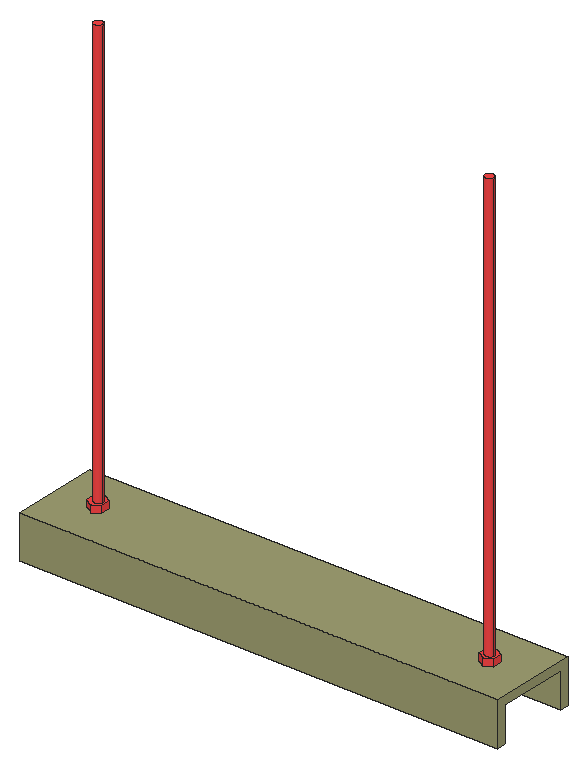
Revit family "Channel Support", category Pipe Fittings, Revit 2014
Parameters (values of type "Angle Support")
  built-in parameter 1114242 [instance] = (empty or 0)
  Support Level [instance] = 2000 mm
  Rod Dia [instance] = 10 mm
  Distance Between Rods [instance] = 450 mm
  Channel Width [instance] = 100 mm
  Pipe Support = Pipe Support
  built-in parameter 1114238 [instance] = (empty or 0)
  Fasteners = Fasteners
  Channel Height [instance] = 50 mm
  Ceiling Level [instance] = 2500 mm
  Dim_A = 50 mm
  Channel Thk [instance] = 10 mm
  Anchor Nut [instance] = Nut : M10
Reference planes
  plane 1 "Center (Front/Back)": y = 0
  plane 2: z = 0
  plane 3 "Center (Left/Right)": x = 0
  plane 4: x = -225
  plane 5: x = 225
  plane 6: y = 50
  plane 7 "W1": y = -50
  plane 8: z = 2500
  plane 9: z = 2000
  plane 10 "Lf": x = -275
  plane 11 "Rt": x = 275
  plane 12: z = 1990
  plane 13: z = 1950
  plane 14: y = 40
  plane 15: y = -40
Forms (mm)
  Extrusion 1, solid, material "Fasteners" <- "Fasteners"
    sketch origin (0, 0, -75) x (-1, 0, 0) y (0, -1, 0)
      loop
        circle (225, 0) r 5
    from 2025 to 2575
  Extrusion 2, solid, material "Fasteners" <- "Fasteners"
    sketch origin (0, 0, -75) x (-1, 0, 0) y (0, -1, 0)
      loop
        circle (-225, 0) r 5
    from 2025 to 2575
  Extrusion 3, solid, material "Pipe Support" <- "Pipe Support"
    sketch origin (275, 0, 0) x (0, 0, -1) y (0, -1, 0)
      loop
        line (-1950, 50) -> (-2000, 50) -> (-2000, -50) -> (-1950, -50) -> (-1950, -40) -> (-1990, -40) -> (-1990, 40) -> (-1950, 40) -> (-1950, 50)
    from 0 to 550
Dimensions and locks
  equal spacing: plane 6, plane 1 "Center (Front/Back)", plane 7 "W1"
  "Channel Width": plane 6 to plane 7 "W1"
  "Ceiling Level": plane 8 to level
  "Support Level": plane 9 to level
  equal spacing: plane 4, plane 3 "Center (Left/Right)", plane 5
  "Distance Between Rods": plane 4 to plane 5
  "Dim_A": plane 10 "Lf" to plane 4
  "Dim_A": plane 5 to plane 11 "Rt"
  "Channel Thk": plane 9 to plane 12
  "Channel Height": plane 9 to plane 13
  "Channel Thk": plane 6 to plane 14
  "Channel Thk": plane 7 "W1" to plane 15
  "Rod Dia": diameter of Extrusion 1 sketch curve
  "Rod Dia": diameter of Extrusion 2 sketch curve
  aligned and locked: plane 8 to Extrusion 1
  aligned and locked: plane 8 to Extrusion 2
  aligned and locked: plane 10 "Lf" to Extrusion 3
  aligned and locked: Extrusion 1 to plane 13
  aligned and locked: Extrusion 2 to plane 13
  aligned and locked: plane 12 to nested 1
  aligned and locked: plane 12 to nested 2
  aligned and locked: nested 3 to plane 9
  aligned and locked: nested 4 to plane 9
  aligned and locked: nested 3 to plane 4
  aligned and locked: nested 4 to plane 5
  aligned and locked: nested 1 to plane 4
  aligned and locked: nested 2 to plane 5
Automatic sketch dimensions
  Extrusion 3 sketch curve to plane 9 = 0 mm
  Extrusion 3 sketch curve to plane 15 = 0 mm
  Extrusion 3 sketch curve to plane 6 = 0 mm
  Extrusion 3 sketch curve to plane 13 = 0 mm  (x2)
  Extrusion 3 sketch curve to plane 7 "W1" = 0 mm
  Extrusion 3 sketch curve to plane 14 = 0 mm
  Extrusion 3 sketch curve to plane 12 = 0 mm
  plane 1 "Center (Front/Back)" to Extrusion 1 sketch curve = 0 mm
  Extrusion 1 sketch curve to plane 4 = 0 mm
  plane 1 "Center (Front/Back)" to Extrusion 2 sketch curve = 0 mm
  Extrusion 2 sketch curve to plane 5 = 0 mm
Nested families
  nested 1: "Nut" at (-225, 0, 1982), type <- "Anchor Nut", type "M10"
  nested 2: "Nut" at (225, 0, 1982), type <- "Anchor Nut", type "M10"
  nested 3: "Nut" at (-225, 0, 2000), type <- "Anchor Nut", type "M10"
  nested 4: "Nut" at (225, 0, 2000), type <- "Anchor Nut", type "M10"
Definition of nested family "Nut"
  Parameters (values of type "M12")
    Fasteners = Fasteners
    Dim_3 = Nut Dia * 1.7321 / 2  # 10.393 mm
    Nut Height = Nut Dia * 0.8  # 9.6 mm
    Nut Dia = 12 mm
  Types (11, lengths in mm): name | Dim_3 | Nut Height | Nut Dia
    M16 | 13.857 | 12.8 | 16
    M20 | 17.321 | 16 | 20
    M32 | 27.714 | 25.6 | 32
    M22 | 19.053 | 17.6 | 22
    M25 | 21.651 | 20 | 25
    M38 | 32.91 | 30.4 | 38
    M44 | 38.106 | 35.2 | 44
    M6 | 5.196 | 4.8 | 6
    M8 | 6.928 | 6.4 | 8
    M10 | 8.661 | 8 | 10
    M12 | 10.393 | 9.6 | 12
  Reference planes
    plane 1 "Center (Front/Back)": y = 0
    plane 2: z = 0
    plane 3 "Center (Left/Right)": x = 0
    plane 4: z = 9.6
    plane 5: z = -60
    plane 6: x = -6
    plane 7: x = 6
    plane 8: z = -58
    plane 9: through (0, 0, 1200) normal (-0.5, 0.866, 0)
    plane 10: through (0, 0, 1200) normal (0.5, 0.866, 0)
    plane 11: y = 12
    plane 12: y = -12
    plane 13: x = -10.393
    plane 14: x = 10.393
  Forms (mm)
    Extrusion 1, solid, material "Fasteners" <- "Fasteners"
      sketch origin (0, 0, 0) x (1, 0, 0) y (0, 1, 0)
        loop
          line (-10.393, -6) -> (0, -12.001) -> (10.393, -6) -> (10.393, 6) -> (0, 12.001) -> (-10.393, 6) -> (-10.393, -6)
        loop
          circle (0, 0) r 6
      from 0 to 9.6
  Dimensions and locks
    "Nut Height": plane 4 to level
    level to plane 5 = 60 mm
    equal spacing: plane 7, plane 3 "Center (Left/Right)", plane 6
    "Nut Dia": plane 7 to plane 6
    plane 8 to plane 5 = 2 mm
    "Nut Dia": plane 1 "Center (Front/Back)" to plane 12
    "Nut Dia": plane 1 "Center (Front/Back)" to plane 11
    "Dim_3": plane 13 to plane 3 "Center (Left/Right)"
    "Dim_3": plane 3 "Center (Left/Right)" to plane 14
    "Nut Dia": diameter of Extrusion 1 sketch curve
    aligned and locked: level to plane 2
    aligned and locked: plane 4 to Extrusion 1
  Automatic sketch dimensions
    Extrusion 1 sketch curve to plane 10 = 0 mm  (x2)
    Extrusion 1 sketch curve to plane 13 = 0 mm
    Extrusion 1 sketch curve to plane 3 "Center (Left/Right)" = 0 mm  (x3)
    plane 1 "Center (Front/Back)" to Extrusion 1 sketch curve = 0 mm
    Extrusion 1 sketch curve to plane 14 = 0 mm
    Extrusion 1 sketch curve to plane 9 = 0 mm  (x2)
    Extrusion 1 sketch curve to plane 12 = 0.001 mm
    plane 11 to Extrusion 1 sketch curve = 0.001 mm
